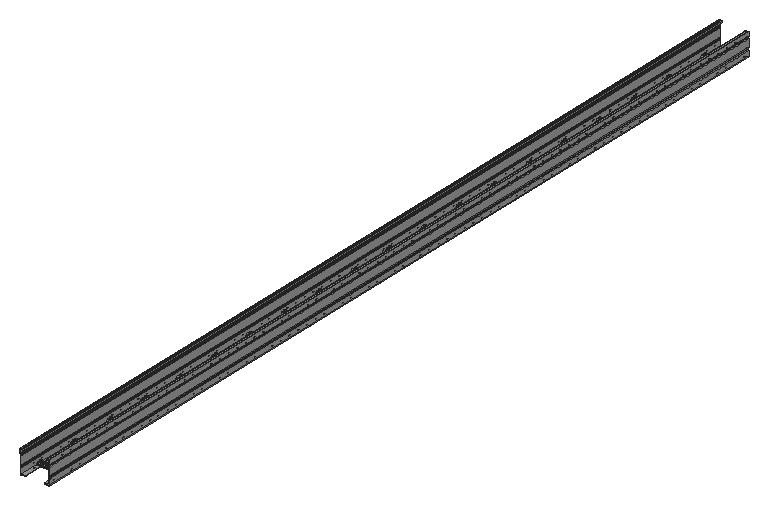
Revit family "Weitspannkabelleiter WKLG1620 FT,FS FT SO A4.23.08", category Generic Models, Revit 2017 (continued)
Forms (mm)
  Extrusion 171, void
    sketch origin (0, 675, 0) x (0, 1, 0) y (0, 0, 1)
      loop
        arc (25.5, 24.5) -> (25.146, 24.354) -> (25, 24) r 0.5
        line (25, 24) -> (25, 16)
        arc (25, 16) -> (25.146, 15.646) -> (25.5, 15.5) r 0.5
        line (25.5, 15.5) -> (49.5, 15.5)
        arc (49.5, 15.5) -> (49.854, 15.646) -> (50, 16) r 0.5
        line (50, 16) -> (50, 24)
        arc (50, 24) -> (49.854, 24.354) -> (49.5, 24.5) r 0.5
    from -99.5 to -97.5
  Extrusion 172, void
    sketch origin (0, 750, 0) x (0, 1, 0) y (0, 0, 1)
      loop
        line (49.5, 24.5) -> (25.5, 24.5)
        arc (25.5, 24.5) -> (25.146, 24.354) -> (25, 24) r 0.5
        line (25, 24) -> (25, 16)
        arc (25, 16) -> (25.146, 15.646) -> (25.5, 15.5) r 0.5
        line (25.5, 15.5) -> (49.5, 15.5)
        arc (49.5, 15.5) -> (49.854, 15.646) -> (50, 16) r 0.5
        line (50, 16) -> (50, 24)
        arc (50, 24) -> (49.854, 24.354) -> (49.5, 24.5) r 0.5
    from -99.5 to -97.5
  Extrusion 173, void
    sketch origin (0, 825, 0) x (0, 1, 0) y (0, 0, 1)
      loop
        line (49.5, 24.5) -> (25.5, 24.5)
        arc (25.5, 24.5) -> (25.146, 24.354) -> (25, 24) r 0.5
        line (25, 24) -> (25, 16)
        arc (25, 16) -> (25.146, 15.646) -> (25.5, 15.5) r 0.5
        line (25.5, 15.5) -> (49.5, 15.5)
        arc (49.5, 15.5) -> (49.854, 15.646) -> (50, 16) r 0.5
        line (50, 16) -> (50, 24)
        arc (50, 24) -> (49.854, 24.354) -> (49.5, 24.5) r 0.5
    from -99.5 to -97.5
  Extrusion 174, void
    sketch origin (0, 900, 0) x (0, 1, 0) y (0, 0, 1)
      loop
        line (49.5, 24.5) -> (25.5, 24.5)
        arc (25.5, 24.5) -> (25.146, 24.354) -> (25, 24) r 0.5
        line (25, 24) -> (25, 16)
        arc (25, 16) -> (25.146, 15.646) -> (25.5, 15.5) r 0.5
        line (25.5, 15.5) -> (49.5, 15.5)
        arc (49.5, 15.5) -> (49.854, 15.646) -> (50, 16) r 0.5
        line (50, 16) -> (50, 24)
        arc (50, 24) -> (49.854, 24.354) -> (49.5, 24.5) r 0.5
    from -99.5 to -97.5
  Extrusion 175, void
    sketch origin (0, 975, 0) x (0, 1, 0) y (0, 0, 1)
      loop
        line (49.5, 24.5) -> (25.5, 24.5)
        arc (25.5, 24.5) -> (25.146, 24.354) -> (25, 24) r 0.5
        line (25, 24) -> (25, 16)
        arc (25, 16) -> (25.146, 15.646) -> (25.5, 15.5) r 0.5
        line (25.5, 15.5) -> (49.5, 15.5)
        arc (49.5, 15.5) -> (49.854, 15.646) -> (50, 16) r 0.5
        line (50, 16) -> (50, 24)
        arc (50, 24) -> (49.854, 24.354) -> (49.5, 24.5) r 0.5
    from -99.5 to -97.5
  Extrusion 176, void
    sketch origin (0, 1050, 0) x (0, 1, 0) y (0, 0, 1)
      loop
        line (49.5, 24.5) -> (25.5, 24.5)
        arc (25.5, 24.5) -> (25.146, 24.354) -> (25, 24) r 0.5
        line (25, 24) -> (25, 16)
        arc (25, 16) -> (25.146, 15.646) -> (25.5, 15.5) r 0.5
        line (25.5, 15.5) -> (49.5, 15.5)
        arc (49.5, 15.5) -> (49.854, 15.646) -> (50, 16) r 0.5
        line (50, 16) -> (50, 24)
        arc (50, 24) -> (49.854, 24.354) -> (49.5, 24.5) r 0.5
    from -99.5 to -97.5
  Extrusion 177, void
    sketch origin (0, 1125, 0) x (0, 1, 0) y (0, 0, 1)
      loop
        line (49.5, 24.5) -> (25.5, 24.5)
        arc (25.5, 24.5) -> (25.146, 24.354) -> (25, 24) r 0.5
        line (25, 24) -> (25, 16)
        arc (25, 16) -> (25.146, 15.646) -> (25.5, 15.5) r 0.5
        line (25.5, 15.5) -> (49.5, 15.5)
        arc (49.5, 15.5) -> (49.854, 15.646) -> (50, 16) r 0.5
        line (50, 16) -> (50, 24)
        arc (50, 24) -> (49.854, 24.354) -> (49.5, 24.5) r 0.5
    from -99.5 to -97.5
  Extrusion 178, void
    sketch origin (0, 1200, 0) x (0, 1, 0) y (0, 0, 1)
      loop
        line (49.5, 24.5) -> (25.5, 24.5)
        arc (25.5, 24.5) -> (25.146, 24.354) -> (25, 24) r 0.5
        line (25, 24) -> (25, 16)
        arc (25, 16) -> (25.146, 15.646) -> (25.5, 15.5) r 0.5
        line (25.5, 15.5) -> (49.5, 15.5)
        arc (49.5, 15.5) -> (49.854, 15.646) -> (50, 16) r 0.5
        line (50, 16) -> (50, 24)
        arc (50, 24) -> (49.854, 24.354) -> (49.5, 24.5) r 0.5
    from -99.5 to -97.5
  Extrusion 179, void
    sketch origin (0, 1275, 0) x (0, 1, 0) y (0, 0, 1)
      loop
        line (49.5, 24.5) -> (25.5, 24.5)
        arc (25.5, 24.5) -> (25.146, 24.354) -> (25, 24) r 0.5
        line (25, 24) -> (25, 16)
        arc (25, 16) -> (25.146, 15.646) -> (25.5, 15.5) r 0.5
        line (25.5, 15.5) -> (49.5, 15.5)
        arc (49.5, 15.5) -> (49.854, 15.646) -> (50, 16) r 0.5
        line (50, 16) -> (50, 24)
        arc (50, 24) -> (49.854, 24.354) -> (49.5, 24.5) r 0.5
    from -99.5 to -97.5
  Extrusion 180, void
    sketch origin (0, 1350, 0) x (0, 1, 0) y (0, 0, 1)
      loop
        line (49.5, 24.5) -> (25.5, 24.5)
        arc (25.5, 24.5) -> (25.146, 24.354) -> (25, 24) r 0.5
        line (25, 24) -> (25, 16)
        arc (25, 16) -> (25.146, 15.646) -> (25.5, 15.5) r 0.5
        line (25.5, 15.5) -> (49.5, 15.5)
        arc (49.5, 15.5) -> (49.854, 15.646) -> (50, 16) r 0.5
        line (50, 16) -> (50, 24)
        arc (50, 24) -> (49.854, 24.354) -> (49.5, 24.5) r 0.5
    from -99.5 to -97.5
  Extrusion 181, void
    sketch origin (0, 1425, 0) x (0, 1, 0) y (0, 0, 1)
      loop
        line (49.5, 24.5) -> (25.5, 24.5)
        arc (25.5, 24.5) -> (25.146, 24.354) -> (25, 24) r 0.5
        line (25, 24) -> (25, 16)
        arc (25, 16) -> (25.146, 15.646) -> (25.5, 15.5) r 0.5
        line (25.5, 15.5) -> (49.5, 15.5)
        arc (49.5, 15.5) -> (49.854, 15.646) -> (50, 16) r 0.5
        line (50, 16) -> (50, 24)
        arc (50, 24) -> (49.854, 24.354) -> (49.5, 24.5) r 0.5
    from -99.5 to -97.5
  Extrusion 182, void
    sketch origin (0, 1500, 0) x (0, 1, 0) y (0, 0, 1)
      loop
        line (49.5, 24.5) -> (25.5, 24.5)
        arc (25.5, 24.5) -> (25.146, 24.354) -> (25, 24) r 0.5
        line (25, 24) -> (25, 16)
        arc (25, 16) -> (25.146, 15.646) -> (25.5, 15.5) r 0.5
        line (25.5, 15.5) -> (49.5, 15.5)
        arc (49.5, 15.5) -> (49.854, 15.646) -> (50, 16) r 0.5
        line (50, 16) -> (50, 24)
        arc (50, 24) -> (49.854, 24.354) -> (49.5, 24.5) r 0.5
    from -99.5 to -97.5
  Extrusion 183, void
    sketch origin (0, 1575, 0) x (0, 1, 0) y (0, 0, 1)
      loop
        line (49.5, 24.5) -> (25.5, 24.5)
        arc (25.5, 24.5) -> (25.146, 24.354) -> (25, 24) r 0.5
        line (25, 24) -> (25, 16)
        arc (25, 16) -> (25.146, 15.646) -> (25.5, 15.5) r 0.5
        line (25.5, 15.5) -> (49.5, 15.5)
        arc (49.5, 15.5) -> (49.854, 15.646) -> (50, 16) r 0.5
        line (50, 16) -> (50, 24)
        arc (50, 24) -> (49.854, 24.354) -> (49.5, 24.5) r 0.5
    from -99.5 to -97.5
  Extrusion 184, void
    sketch origin (0, 1650, 0) x (0, 1, 0) y (0, 0, 1)
      loop
        line (49.5, 24.5) -> (25.5, 24.5)
        arc (25.5, 24.5) -> (25.146, 24.354) -> (25, 24) r 0.5
        line (25, 24) -> (25, 16)
        arc (25, 16) -> (25.146, 15.646) -> (25.5, 15.5) r 0.5
        line (25.5, 15.5) -> (49.5, 15.5)
        arc (49.5, 15.5) -> (49.854, 15.646) -> (50, 16) r 0.5
        line (50, 16) -> (50, 24)
        arc (50, 24) -> (49.854, 24.354) -> (49.5, 24.5) r 0.5
    from -99.5 to -97.5
  Extrusion 185, void
    sketch origin (0, 1725, 0) x (0, 1, 0) y (0, 0, 1)
      loop
        line (49.5, 24.5) -> (25.5, 24.5)
        arc (25.5, 24.5) -> (25.146, 24.354) -> (25, 24) r 0.5
        line (25, 24) -> (25, 16)
        arc (25, 16) -> (25.146, 15.646) -> (25.5, 15.5) r 0.5
        line (25.5, 15.5) -> (49.5, 15.5)
        arc (49.5, 15.5) -> (49.854, 15.646) -> (50, 16) r 0.5
        line (50, 16) -> (50, 24)
        arc (50, 24) -> (49.854, 24.354) -> (49.5, 24.5) r 0.5
    from -99.5 to -97.5
  Extrusion 186, void
    sketch origin (0, 1800, 0) x (0, 1, 0) y (0, 0, 1)
      loop
        line (49.5, 24.5) -> (25.5, 24.5)
        arc (25.5, 24.5) -> (25.146, 24.354) -> (25, 24) r 0.5
        line (25, 24) -> (25, 16)
        arc (25, 16) -> (25.146, 15.646) -> (25.5, 15.5) r 0.5
        line (25.5, 15.5) -> (49.5, 15.5)
        arc (49.5, 15.5) -> (49.854, 15.646) -> (50, 16) r 0.5
        line (50, 16) -> (50, 24)
        arc (50, 24) -> (49.854, 24.354) -> (49.5, 24.5) r 0.5
    from -99.5 to -97.5
  Extrusion 187, void
    sketch origin (0, 1875, 0) x (0, 1, 0) y (0, 0, 1)
      loop
        line (49.5, 24.5) -> (25.5, 24.5)
        arc (25.5, 24.5) -> (25.146, 24.354) -> (25, 24) r 0.5
        line (25, 24) -> (25, 16)
        arc (25, 16) -> (25.146, 15.646) -> (25.5, 15.5) r 0.5
        line (25.5, 15.5) -> (49.5, 15.5)
        arc (49.5, 15.5) -> (49.854, 15.646) -> (50, 16) r 0.5
        line (50, 16) -> (50, 24)
        arc (50, 24) -> (49.854, 24.354) -> (49.5, 24.5) r 0.5
    from -99.5 to -97.5
  Extrusion 188, void
    sketch origin (0, 1950, 0) x (0, 1, 0) y (0, 0, 1)
      loop
        line (49.5, 24.5) -> (25.5, 24.5)
        arc (25.5, 24.5) -> (25.146, 24.354) -> (25, 24) r 0.5
        line (25, 24) -> (25, 16)
        arc (25, 16) -> (25.146, 15.646) -> (25.5, 15.5) r 0.5
        line (25.5, 15.5) -> (49.5, 15.5)
        arc (49.5, 15.5) -> (49.854, 15.646) -> (50, 16) r 0.5
        line (50, 16) -> (50, 24)
        arc (50, 24) -> (49.854, 24.354) -> (49.5, 24.5) r 0.5
    from -99.5 to -97.5
  Extrusion 189, void
    sketch origin (0, 2025, 0) x (0, 1, 0) y (0, 0, 1)
      loop
        line (49.5, 24.5) -> (25.5, 24.5)
        arc (25.5, 24.5) -> (25.146, 24.354) -> (25, 24) r 0.5
        line (25, 24) -> (25, 16)
        arc (25, 16) -> (25.146, 15.646) -> (25.5, 15.5) r 0.5
        line (25.5, 15.5) -> (49.5, 15.5)
        arc (49.5, 15.5) -> (49.854, 15.646) -> (50, 16) r 0.5
        line (50, 16) -> (50, 24)
        arc (50, 24) -> (49.854, 24.354) -> (49.5, 24.5) r 0.5
    from -99.5 to -97.5
  Extrusion 190, void
    sketch origin (0, 2100, 0) x (0, 1, 0) y (0, 0, 1)
      loop
        line (49.5, 24.5) -> (25.5, 24.5)
        arc (25.5, 24.5) -> (25.146, 24.354) -> (25, 24) r 0.5
        line (25, 24) -> (25, 16)
        arc (25, 16) -> (25.146, 15.646) -> (25.5, 15.5) r 0.5
        line (25.5, 15.5) -> (49.5, 15.5)
        arc (49.5, 15.5) -> (49.854, 15.646) -> (50, 16) r 0.5
        line (50, 16) -> (50, 24)
        arc (50, 24) -> (49.854, 24.354) -> (49.5, 24.5) r 0.5
    from -99.5 to -97.5
  Extrusion 191, void
    sketch origin (0, 2175, 0) x (0, 1, 0) y (0, 0, 1)
      loop
        line (49.5, 24.5) -> (25.5, 24.5)
        arc (25.5, 24.5) -> (25.146, 24.354) -> (25, 24) r 0.5
        line (25, 24) -> (25, 16)
        arc (25, 16) -> (25.146, 15.646) -> (25.5, 15.5) r 0.5
        line (25.5, 15.5) -> (49.5, 15.5)
        arc (49.5, 15.5) -> (49.854, 15.646) -> (50, 16) r 0.5
        line (50, 16) -> (50, 24)
        arc (50, 24) -> (49.854, 24.354) -> (49.5, 24.5) r 0.5
    from -99.5 to -97.5
  Extrusion 192, void
    sketch origin (0, 2250, 0) x (0, 1, 0) y (0, 0, 1)
      loop
        line (49.5, 24.5) -> (25.5, 24.5)
        arc (25.5, 24.5) -> (25.146, 24.354) -> (25, 24) r 0.5
        line (25, 24) -> (25, 16)
        arc (25, 16) -> (25.146, 15.646) -> (25.5, 15.5) r 0.5
        line (25.5, 15.5) -> (49.5, 15.5)
        arc (49.5, 15.5) -> (49.854, 15.646) -> (50, 16) r 0.5
        line (50, 16) -> (50, 24)
        arc (50, 24) -> (49.854, 24.354) -> (49.5, 24.5) r 0.5
    from -99.5 to -97.5
  Extrusion 193, void
    sketch origin (0, 2325, 0) x (0, 1, 0) y (0, 0, 1)
      loop
        line (49.5, 24.5) -> (25.5, 24.5)
        arc (25.5, 24.5) -> (25.146, 24.354) -> (25, 24) r 0.5
        line (25, 24) -> (25, 16)
        arc (25, 16) -> (25.146, 15.646) -> (25.5, 15.5) r 0.5
        line (25.5, 15.5) -> (49.5, 15.5)
        arc (49.5, 15.5) -> (49.854, 15.646) -> (50, 16) r 0.5
        line (50, 16) -> (50, 24)
        arc (50, 24) -> (49.854, 24.354) -> (49.5, 24.5) r 0.5
    from -99.5 to -97.5
  Extrusion 194, void
    sketch origin (0, 2400, 0) x (0, 1, 0) y (0, 0, 1)
      loop
        line (49.5, 24.5) -> (25.5, 24.5)
        arc (25.5, 24.5) -> (25.146, 24.354) -> (25, 24) r 0.5
        line (25, 24) -> (25, 16)
        arc (25, 16) -> (25.146, 15.646) -> (25.5, 15.5) r 0.5
        line (25.5, 15.5) -> (49.5, 15.5)
        arc (49.5, 15.5) -> (49.854, 15.646) -> (50, 16) r 0.5
        line (50, 16) -> (50, 24)
        arc (50, 24) -> (49.854, 24.354) -> (49.5, 24.5) r 0.5
    from -99.5 to -97.5
  Extrusion 195, void
    sketch origin (0, 2475, 0) x (0, 1, 0) y (0, 0, 1)
      loop
        line (49.5, 24.5) -> (25.5, 24.5)
        arc (25.5, 24.5) -> (25.146, 24.354) -> (25, 24) r 0.5
        line (25, 24) -> (25, 16)
        arc (25, 16) -> (25.146, 15.646) -> (25.5, 15.5) r 0.5
        line (25.5, 15.5) -> (49.5, 15.5)
        arc (49.5, 15.5) -> (49.854, 15.646) -> (50, 16) r 0.5
        line (50, 16) -> (50, 24)
        arc (50, 24) -> (49.854, 24.354) -> (49.5, 24.5) r 0.5
    from -99.5 to -97.5
  Extrusion 196, void
    sketch origin (0, 2550, 0) x (0, 1, 0) y (0, 0, 1)
      loop
        line (49.5, 24.5) -> (25.5, 24.5)
        arc (25.5, 24.5) -> (25.146, 24.354) -> (25, 24) r 0.5
        line (25, 24) -> (25, 16)
        arc (25, 16) -> (25.146, 15.646) -> (25.5, 15.5) r 0.5
        line (25.5, 15.5) -> (49.5, 15.5)
        arc (49.5, 15.5) -> (49.854, 15.646) -> (50, 16) r 0.5
        line (50, 16) -> (50, 24)
        arc (50, 24) -> (49.854, 24.354) -> (49.5, 24.5) r 0.5
    from -99.5 to -97.5
  Extrusion 197, void
    sketch origin (0, 2625, 0) x (0, 1, 0) y (0, 0, 1)
      loop
        line (49.5, 24.5) -> (25.5, 24.5)
        arc (25.5, 24.5) -> (25.146, 24.354) -> (25, 24) r 0.5
        line (25, 24) -> (25, 16)
        arc (25, 16) -> (25.146, 15.646) -> (25.5, 15.5) r 0.5
        line (25.5, 15.5) -> (49.5, 15.5)
        arc (49.5, 15.5) -> (49.854, 15.646) -> (50, 16) r 0.5
        line (50, 16) -> (50, 24)
        arc (50, 24) -> (49.854, 24.354) -> (49.5, 24.5) r 0.5
    from -99.5 to -97.5
  Extrusion 198, void
    sketch origin (0, 2700, 0) x (0, 1, 0) y (0, 0, 1)
      loop
        line (49.5, 24.5) -> (25.5, 24.5)
        arc (25.5, 24.5) -> (25.146, 24.354) -> (25, 24) r 0.5
        line (25, 24) -> (25, 16)
        arc (25, 16) -> (25.146, 15.646) -> (25.5, 15.5) r 0.5
        line (25.5, 15.5) -> (49.5, 15.5)
        arc (49.5, 15.5) -> (49.854, 15.646) -> (50, 16) r 0.5
        line (50, 16) -> (50, 24)
        arc (50, 24) -> (49.854, 24.354) -> (49.5, 24.5) r 0.5
    from -99.5 to -97.5
  Extrusion 199, void
    sketch origin (0, 2775, 0) x (0, 1, 0) y (0, 0, 1)
      loop
        line (49.5, 24.5) -> (25.5, 24.5)
        arc (25.5, 24.5) -> (25.146, 24.354) -> (25, 24) r 0.5
        line (25, 24) -> (25, 16)
        arc (25, 16) -> (25.146, 15.646) -> (25.5, 15.5) r 0.5
        line (25.5, 15.5) -> (49.5, 15.5)
        arc (49.5, 15.5) -> (49.854, 15.646) -> (50, 16) r 0.5
        line (50, 16) -> (50, 24)
        arc (50, 24) -> (49.854, 24.354) -> (49.5, 24.5) r 0.5
    from -99.5 to -97.5
  Extrusion 200, void
    sketch origin (0, 2850, 0) x (0, 1, 0) y (0, 0, 1)
      loop
        line (49.5, 24.5) -> (25.5, 24.5)
        arc (25.5, 24.5) -> (25.146, 24.354) -> (25, 24) r 0.5
        line (25, 24) -> (25, 16)
        arc (25, 16) -> (25.146, 15.646) -> (25.5, 15.5) r 0.5
        line (25.5, 15.5) -> (49.5, 15.5)
        arc (49.5, 15.5) -> (49.854, 15.646) -> (50, 16) r 0.5
        line (50, 16) -> (50, 24)
        arc (50, 24) -> (49.854, 24.354) -> (49.5, 24.5) r 0.5
    from -99.5 to -97.5
  Extrusion 201, void
    sketch origin (0, 2925, 0) x (0, 1, 0) y (0, 0, 1)
      loop
        line (49.5, 24.5) -> (25.5, 24.5)
        arc (25.5, 24.5) -> (25.146, 24.354) -> (25, 24) r 0.5
        line (25, 24) -> (25, 16)
        arc (25, 16) -> (25.146, 15.646) -> (25.5, 15.5) r 0.5
        line (25.5, 15.5) -> (49.5, 15.5)
        arc (49.5, 15.5) -> (49.854, 15.646) -> (50, 16) r 0.5
        line (50, 16) -> (50, 24)
        arc (50, 24) -> (49.854, 24.354) -> (49.5, 24.5) r 0.5
    from -99.5 to -97.5
  Extrusion 202, void
    sketch origin (0, 3000, 0) x (0, 1, 0) y (0, 0, 1)
      loop
        line (49.5, 24.5) -> (25.5, 24.5)
        arc (25.5, 24.5) -> (25.146, 24.354) -> (25, 24) r 0.5
        line (25, 24) -> (25, 16)
        arc (25, 16) -> (25.146, 15.646) -> (25.5, 15.5) r 0.5
        line (25.5, 15.5) -> (49.5, 15.5)
        arc (49.5, 15.5) -> (49.854, 15.646) -> (50, 16) r 0.5
        line (50, 16) -> (50, 24)
        arc (50, 24) -> (49.854, 24.354) -> (49.5, 24.5) r 0.5
    from -99.5 to -97.5
  Extrusion 203, void
    sketch origin (0, 3075, 0) x (0, 1, 0) y (0, 0, 1)
      loop
        line (49.5, 24.5) -> (25.5, 24.5)
        arc (25.5, 24.5) -> (25.146, 24.354) -> (25, 24) r 0.5
        line (25, 24) -> (25, 16)
        arc (25, 16) -> (25.146, 15.646) -> (25.5, 15.5) r 0.5
        line (25.5, 15.5) -> (49.5, 15.5)
        arc (49.5, 15.5) -> (49.854, 15.646) -> (50, 16) r 0.5
        line (50, 16) -> (50, 24)
        arc (50, 24) -> (49.854, 24.354) -> (49.5, 24.5) r 0.5
    from -99.5 to -97.5
  Extrusion 204, void
    sketch origin (0, 3150, 0) x (0, 1, 0) y (0, 0, 1)
      loop
        line (49.5, 24.5) -> (25.5, 24.5)
        arc (25.5, 24.5) -> (25.146, 24.354) -> (25, 24) r 0.5
        line (25, 24) -> (25, 16)
        arc (25, 16) -> (25.146, 15.646) -> (25.5, 15.5) r 0.5
        line (25.5, 15.5) -> (49.5, 15.5)
        arc (49.5, 15.5) -> (49.854, 15.646) -> (50, 16) r 0.5
        line (50, 16) -> (50, 24)
        arc (50, 24) -> (49.854, 24.354) -> (49.5, 24.5) r 0.5
    from -99.5 to -97.5
  Extrusion 205, void
    sketch origin (0, 3225, 0) x (0, 1, 0) y (0, 0, 1)
      loop
        line (49.5, 24.5) -> (25.5, 24.5)
        arc (25.5, 24.5) -> (25.146, 24.354) -> (25, 24) r 0.5
        line (25, 24) -> (25, 16)
        arc (25, 16) -> (25.146, 15.646) -> (25.5, 15.5) r 0.5
        line (25.5, 15.5) -> (49.5, 15.5)
        arc (49.5, 15.5) -> (49.854, 15.646) -> (50, 16) r 0.5
        line (50, 16) -> (50, 24)
        arc (50, 24) -> (49.854, 24.354) -> (49.5, 24.5) r 0.5
    from -99.5 to -97.5
  Extrusion 206, void
    sketch origin (0, 3300, 0) x (0, 1, 0) y (0, 0, 1)
      loop
        line (49.5, 24.5) -> (25.5, 24.5)
        arc (25.5, 24.5) -> (25.146, 24.354) -> (25, 24) r 0.5
        line (25, 24) -> (25, 16)
        arc (25, 16) -> (25.146, 15.646) -> (25.5, 15.5) r 0.5
        line (25.5, 15.5) -> (49.5, 15.5)
        arc (49.5, 15.5) -> (49.854, 15.646) -> (50, 16) r 0.5
        line (50, 16) -> (50, 24)
        arc (50, 24) -> (49.854, 24.354) -> (49.5, 24.5) r 0.5
    from -99.5 to -97.5
  Extrusion 207, void
    sketch origin (0, 3375, 0) x (0, 1, 0) y (0, 0, 1)
      loop
        line (49.5, 24.5) -> (25.5, 24.5)
        arc (25.5, 24.5) -> (25.146, 24.354) -> (25, 24) r 0.5
        line (25, 24) -> (25, 16)
        arc (25, 16) -> (25.146, 15.646) -> (25.5, 15.5) r 0.5
        line (25.5, 15.5) -> (49.5, 15.5)
        arc (49.5, 15.5) -> (49.854, 15.646) -> (50, 16) r 0.5
        line (50, 16) -> (50, 24)
        arc (50, 24) -> (49.854, 24.354) -> (49.5, 24.5) r 0.5
    from -99.5 to -97.5
  Extrusion 208, void
    sketch origin (0, 3450, 0) x (0, 1, 0) y (0, 0, 1)
      loop
        line (49.5, 24.5) -> (25.5, 24.5)
        arc (25.5, 24.5) -> (25.146, 24.354) -> (25, 24) r 0.5
        line (25, 24) -> (25, 16)
        arc (25, 16) -> (25.146, 15.646) -> (25.5, 15.5) r 0.5
        line (25.5, 15.5) -> (49.5, 15.5)
        arc (49.5, 15.5) -> (49.854, 15.646) -> (50, 16) r 0.5
        line (50, 16) -> (50, 24)
        arc (50, 24) -> (49.854, 24.354) -> (49.5, 24.5) r 0.5
    from -99.5 to -97.5
  Extrusion 209, void
    sketch origin (0, 3525, 0) x (0, 1, 0) y (0, 0, 1)
      loop
        line (49.5, 24.5) -> (25.5, 24.5)
        arc (25.5, 24.5) -> (25.146, 24.354) -> (25, 24) r 0.5
        line (25, 24) -> (25, 16)
        arc (25, 16) -> (25.146, 15.646) -> (25.5, 15.5) r 0.5
        line (25.5, 15.5) -> (49.5, 15.5)
        arc (49.5, 15.5) -> (49.854, 15.646) -> (50, 16) r 0.5
        line (50, 16) -> (50, 24)
        arc (50, 24) -> (49.854, 24.354) -> (49.5, 24.5) r 0.5
    from -99.5 to -97.5
  Extrusion 210, void
    sketch origin (0, 3600, 0) x (0, 1, 0) y (0, 0, 1)
      loop
        line (49.5, 24.5) -> (25.5, 24.5)
        arc (25.5, 24.5) -> (25.146, 24.354) -> (25, 24) r 0.5
        line (25, 24) -> (25, 16)
        arc (25, 16) -> (25.146, 15.646) -> (25.5, 15.5) r 0.5
        line (25.5, 15.5) -> (49.5, 15.5)
        arc (49.5, 15.5) -> (49.854, 15.646) -> (50, 16) r 0.5
        line (50, 16) -> (50, 24)
        arc (50, 24) -> (49.854, 24.354) -> (49.5, 24.5) r 0.5
    from -99.5 to -97.5
  Extrusion 211, void
    sketch origin (0, 3675, 0) x (0, 1, 0) y (0, 0, 1)
      loop
        line (49.5, 24.5) -> (25.5, 24.5)
        arc (25.5, 24.5) -> (25.146, 24.354) -> (25, 24) r 0.5
        line (25, 24) -> (25, 16)
        arc (25, 16) -> (25.146, 15.646) -> (25.5, 15.5) r 0.5
        line (25.5, 15.5) -> (49.5, 15.5)
        arc (49.5, 15.5) -> (49.854, 15.646) -> (50, 16) r 0.5
        line (50, 16) -> (50, 24)
        arc (50, 24) -> (49.854, 24.354) -> (49.5, 24.5) r 0.5
    from -99.5 to -97.5
  Extrusion 212, void
    sketch origin (0, 3750, 0) x (0, 1, 0) y (0, 0, 1)
      loop
        line (49.5, 24.5) -> (25.5, 24.5)
        arc (25.5, 24.5) -> (25.146, 24.354) -> (25, 24) r 0.5
        line (25, 24) -> (25, 16)
        arc (25, 16) -> (25.146, 15.646) -> (25.5, 15.5) r 0.5
        line (25.5, 15.5) -> (49.5, 15.5)
        arc (49.5, 15.5) -> (49.854, 15.646) -> (50, 16) r 0.5
        line (50, 16) -> (50, 24)
        arc (50, 24) -> (49.854, 24.354) -> (49.5, 24.5) r 0.5
    from -99.5 to -97.5
  Extrusion 213, void
    sketch origin (0, 3825, 0) x (0, 1, 0) y (0, 0, 1)
      loop
        line (49.5, 24.5) -> (25.5, 24.5)
        arc (25.5, 24.5) -> (25.146, 24.354) -> (25, 24) r 0.5
        line (25, 24) -> (25, 16)
        arc (25, 16) -> (25.146, 15.646) -> (25.5, 15.5) r 0.5
        line (25.5, 15.5) -> (49.5, 15.5)
        arc (49.5, 15.5) -> (49.854, 15.646) -> (50, 16) r 0.5
        line (50, 16) -> (50, 24)
        arc (50, 24) -> (49.854, 24.354) -> (49.5, 24.5) r 0.5
    from -99.5 to -97.5
  Extrusion 214, void
    sketch origin (0, 3900, 0) x (0, 1, 0) y (0, 0, 1)
      loop
        line (49.5, 24.5) -> (25.5, 24.5)
        arc (25.5, 24.5) -> (25.146, 24.354) -> (25, 24) r 0.5
        line (25, 24) -> (25, 16)
        arc (25, 16) -> (25.146, 15.646) -> (25.5, 15.5) r 0.5
        line (25.5, 15.5) -> (49.5, 15.5)
        arc (49.5, 15.5) -> (49.854, 15.646) -> (50, 16) r 0.5
        line (50, 16) -> (50, 24)
        arc (50, 24) -> (49.854, 24.354) -> (49.5, 24.5) r 0.5
    from -99.5 to -97.5
  Extrusion 215, void
    sketch origin (0, 3975, 0) x (0, 1, 0) y (0, 0, 1)
      loop
        line (49.5, 24.5) -> (25.5, 24.5)
        arc (25.5, 24.5) -> (25.146, 24.354) -> (25, 24) r 0.5
        line (25, 24) -> (25, 16)
        arc (25, 16) -> (25.146, 15.646) -> (25.5, 15.5) r 0.5
        line (25.5, 15.5) -> (49.5, 15.5)
        arc (49.5, 15.5) -> (49.854, 15.646) -> (50, 16) r 0.5
        line (50, 16) -> (50, 24)
        arc (50, 24) -> (49.854, 24.354) -> (49.5, 24.5) r 0.5
    from -99.5 to -97.5
  Extrusion 216, void
    sketch origin (0, 4050, 0) x (0, 1, 0) y (0, 0, 1)
      loop
        line (49.5, 24.5) -> (25.5, 24.5)
        arc (25.5, 24.5) -> (25.146, 24.354) -> (25, 24) r 0.5
        line (25, 24) -> (25, 16)
        arc (25, 16) -> (25.146, 15.646) -> (25.5, 15.5) r 0.5
        line (25.5, 15.5) -> (49.5, 15.5)
        arc (49.5, 15.5) -> (49.854, 15.646) -> (50, 16) r 0.5
        line (50, 16) -> (50, 24)
        arc (50, 24) -> (49.854, 24.354) -> (49.5, 24.5) r 0.5
    from -99.5 to -97.5
  Extrusion 217, void
    sketch origin (0, 4125, 0) x (0, 1, 0) y (0, 0, 1)
      loop
        line (49.5, 24.5) -> (25.5, 24.5)
        arc (25.5, 24.5) -> (25.146, 24.354) -> (25, 24) r 0.5
        line (25, 24) -> (25, 16)
        arc (25, 16) -> (25.146, 15.646) -> (25.5, 15.5) r 0.5
        line (25.5, 15.5) -> (49.5, 15.5)
        arc (49.5, 15.5) -> (49.854, 15.646) -> (50, 16) r 0.5
        line (50, 16) -> (50, 24)
        arc (50, 24) -> (49.854, 24.354) -> (49.5, 24.5) r 0.5
    from -99.5 to -97.5
  Extrusion 218, void
    sketch origin (0, 4200, 0) x (0, 1, 0) y (0, 0, 1)
      loop
        line (49.5, 24.5) -> (25.5, 24.5)
        arc (25.5, 24.5) -> (25.146, 24.354) -> (25, 24) r 0.5
        line (25, 24) -> (25, 16)
        arc (25, 16) -> (25.146, 15.646) -> (25.5, 15.5) r 0.5
        line (25.5, 15.5) -> (49.5, 15.5)
        arc (49.5, 15.5) -> (49.854, 15.646) -> (50, 16) r 0.5
        line (50, 16) -> (50, 24)
        arc (50, 24) -> (49.854, 24.354) -> (49.5, 24.5) r 0.5
    from -99.5 to -97.5
  Extrusion 219, void
    sketch origin (0, 4275, 0) x (0, 1, 0) y (0, 0, 1)
      loop
        line (49.5, 24.5) -> (25.5, 24.5)
        arc (25.5, 24.5) -> (25.146, 24.354) -> (25, 24) r 0.5
        line (25, 24) -> (25, 16)
        arc (25, 16) -> (25.146, 15.646) -> (25.5, 15.5) r 0.5
        line (25.5, 15.5) -> (49.5, 15.5)
        arc (49.5, 15.5) -> (49.854, 15.646) -> (50, 16) r 0.5
        line (50, 16) -> (50, 24)
        arc (50, 24) -> (49.854, 24.354) -> (49.5, 24.5) r 0.5
    from -99.5 to -97.5
  Extrusion 220, void
    sketch origin (0, 4350, 0) x (0, 1, 0) y (0, 0, 1)
      loop
        line (49.5, 24.5) -> (25.5, 24.5)
        arc (25.5, 24.5) -> (25.146, 24.354) -> (25, 24) r 0.5
        line (25, 24) -> (25, 16)
        arc (25, 16) -> (25.146, 15.646) -> (25.5, 15.5) r 0.5
        line (25.5, 15.5) -> (49.5, 15.5)
        arc (49.5, 15.5) -> (49.854, 15.646) -> (50, 16) r 0.5
        line (50, 16) -> (50, 24)
        arc (50, 24) -> (49.854, 24.354) -> (49.5, 24.5) r 0.5
    from -99.5 to -97.5
  Extrusion 221, void
    sketch origin (0, 4425, 0) x (0, 1, 0) y (0, 0, 1)
      loop
        line (49.5, 24.5) -> (25.5, 24.5)
        arc (25.5, 24.5) -> (25.146, 24.354) -> (25, 24) r 0.5
        line (25, 24) -> (25, 16)
        arc (25, 16) -> (25.146, 15.646) -> (25.5, 15.5) r 0.5
        line (25.5, 15.5) -> (49.5, 15.5)
        arc (49.5, 15.5) -> (49.854, 15.646) -> (50, 16) r 0.5
        line (50, 16) -> (50, 24)
        arc (50, 24) -> (49.854, 24.354) -> (49.5, 24.5) r 0.5
    from -99.5 to -97.5
  Extrusion 222, void
    sketch origin (0, 4500, 0) x (0, 1, 0) y (0, 0, 1)
      loop
        line (49.5, 24.5) -> (25.5, 24.5)
        arc (25.5, 24.5) -> (25.146, 24.354) -> (25, 24) r 0.5
        line (25, 24) -> (25, 16)
        arc (25, 16) -> (25.146, 15.646) -> (25.5, 15.5) r 0.5
        line (25.5, 15.5) -> (49.5, 15.5)
        arc (49.5, 15.5) -> (49.854, 15.646) -> (50, 16) r 0.5
        line (50, 16) -> (50, 24)
        arc (50, 24) -> (49.854, 24.354) -> (49.5, 24.5) r 0.5
    from -99.5 to -97.5
  Extrusion 223, void
    sketch origin (0, 4575, 0) x (0, 1, 0) y (0, 0, 1)
      loop
        line (49.5, 24.5) -> (25.5, 24.5)
        arc (25.5, 24.5) -> (25.146, 24.354) -> (25, 24) r 0.5
        line (25, 24) -> (25, 16)
        arc (25, 16) -> (25.146, 15.646) -> (25.5, 15.5) r 0.5
        line (25.5, 15.5) -> (49.5, 15.5)
        arc (49.5, 15.5) -> (49.854, 15.646) -> (50, 16) r 0.5
        line (50, 16) -> (50, 24)
        arc (50, 24) -> (49.854, 24.354) -> (49.5, 24.5) r 0.5
    from -99.5 to -97.5
  Extrusion 224, void
    sketch origin (0, 4650, 0) x (0, 1, 0) y (0, 0, 1)
      loop
        line (49.5, 24.5) -> (25.5, 24.5)
        arc (25.5, 24.5) -> (25.146, 24.354) -> (25, 24) r 0.5
        line (25, 24) -> (25, 16)
        arc (25, 16) -> (25.146, 15.646) -> (25.5, 15.5) r 0.5
        line (25.5, 15.5) -> (49.5, 15.5)
        arc (49.5, 15.5) -> (49.854, 15.646) -> (50, 16) r 0.5
        line (50, 16) -> (50, 24)
        arc (50, 24) -> (49.854, 24.354) -> (49.5, 24.5) r 0.5
    from -99.5 to -97.5
  Extrusion 225, void
    sketch origin (0, 4725, 0) x (0, 1, 0) y (0, 0, 1)
      loop
        line (49.5, 24.5) -> (25.5, 24.5)
        arc (25.5, 24.5) -> (25.146, 24.354) -> (25, 24) r 0.5
        line (25, 24) -> (25, 16)
        arc (25, 16) -> (25.146, 15.646) -> (25.5, 15.5) r 0.5
        line (25.5, 15.5) -> (49.5, 15.5)
        arc (49.5, 15.5) -> (49.854, 15.646) -> (50, 16) r 0.5
        line (50, 16) -> (50, 24)
        arc (50, 24) -> (49.854, 24.354) -> (49.5, 24.5) r 0.5
    from -99.5 to -97.5
  Extrusion 226, void
    sketch origin (0, 4800, 0) x (0, 1, 0) y (0, 0, 1)
      loop
        line (49.5, 24.5) -> (25.5, 24.5)
        arc (25.5, 24.5) -> (25.146, 24.354) -> (25, 24) r 0.5
        line (25, 24) -> (25, 16)
        arc (25, 16) -> (25.146, 15.646) -> (25.5, 15.5) r 0.5
        line (25.5, 15.5) -> (49.5, 15.5)
        arc (49.5, 15.5) -> (49.854, 15.646) -> (50, 16) r 0.5
        line (50, 16) -> (50, 24)
        arc (50, 24) -> (49.854, 24.354) -> (49.5, 24.5) r 0.5
    from -99.5 to -97.5
  Extrusion 227, void
    sketch origin (0, 4875, 0) x (0, 1, 0) y (0, 0, 1)
      loop
        line (49.5, 24.5) -> (25.5, 24.5)
        arc (25.5, 24.5) -> (25.146, 24.354) -> (25, 24) r 0.5
        line (25, 24) -> (25, 16)
        arc (25, 16) -> (25.146, 15.646) -> (25.5, 15.5) r 0.5
        line (25.5, 15.5) -> (49.5, 15.5)
        arc (49.5, 15.5) -> (49.854, 15.646) -> (50, 16) r 0.5
        line (50, 16) -> (50, 24)
        arc (50, 24) -> (49.854, 24.354) -> (49.5, 24.5) r 0.5
    from -99.5 to -97.5
  Extrusion 228, void
    sketch origin (0, 4950, 0) x (0, 1, 0) y (0, 0, 1)
      loop
        line (49.5, 24.5) -> (25.5, 24.5)
        arc (25.5, 24.5) -> (25.146, 24.354) -> (25, 24) r 0.5
        line (25, 24) -> (25, 16)
        arc (25, 16) -> (25.146, 15.646) -> (25.5, 15.5) r 0.5
        line (25.5, 15.5) -> (49.5, 15.5)
        arc (49.5, 15.5) -> (49.854, 15.646) -> (50, 16) r 0.5
        line (50, 16) -> (50, 24)
        arc (50, 24) -> (49.854, 24.354) -> (49.5, 24.5) r 0.5
    from -99.5 to -97.5
  Extrusion 229, void
    sketch origin (0, 5025, 0) x (0, 1, 0) y (0, 0, 1)
      loop
        line (49.5, 24.5) -> (25.5, 24.5)
        arc (25.5, 24.5) -> (25.146, 24.354) -> (25, 24) r 0.5
        line (25, 24) -> (25, 16)
        arc (25, 16) -> (25.146, 15.646) -> (25.5, 15.5) r 0.5
        line (25.5, 15.5) -> (49.5, 15.5)
        arc (49.5, 15.5) -> (49.854, 15.646) -> (50, 16) r 0.5
        line (50, 16) -> (50, 24)
        arc (50, 24) -> (49.854, 24.354) -> (49.5, 24.5) r 0.5
    from -99.5 to -97.5
  Extrusion 230, void
    sketch origin (0, 5100, 0) x (0, 1, 0) y (0, 0, 1)
      loop
        line (49.5, 24.5) -> (25.5, 24.5)
        arc (25.5, 24.5) -> (25.146, 24.354) -> (25, 24) r 0.5
        line (25, 24) -> (25, 16)
        arc (25, 16) -> (25.146, 15.646) -> (25.5, 15.5) r 0.5
        line (25.5, 15.5) -> (49.5, 15.5)
        arc (49.5, 15.5) -> (49.854, 15.646) -> (50, 16) r 0.5
        line (50, 16) -> (50, 24)
        arc (50, 24) -> (49.854, 24.354) -> (49.5, 24.5) r 0.5
    from -99.5 to -97.5
  Extrusion 231, void
    sketch origin (0, 5175, 0) x (0, 1, 0) y (0, 0, 1)
      loop
        line (49.5, 24.5) -> (25.5, 24.5)
        arc (25.5, 24.5) -> (25.146, 24.354) -> (25, 24) r 0.5
        line (25, 24) -> (25, 16)
        arc (25, 16) -> (25.146, 15.646) -> (25.5, 15.5) r 0.5
        line (25.5, 15.5) -> (49.5, 15.5)
        arc (49.5, 15.5) -> (49.854, 15.646) -> (50, 16) r 0.5
        line (50, 16) -> (50, 24)
        arc (50, 24) -> (49.854, 24.354) -> (49.5, 24.5) r 0.5
    from -99.5 to -97.5
  Extrusion 232, void
    sketch origin (0, 5250, 0) x (0, 1, 0) y (0, 0, 1)
      loop
        line (49.5, 24.5) -> (25.5, 24.5)
        arc (25.5, 24.5) -> (25.146, 24.354) -> (25, 24) r 0.5
        line (25, 24) -> (25, 16)
        arc (25, 16) -> (25.146, 15.646) -> (25.5, 15.5) r 0.5
        line (25.5, 15.5) -> (49.5, 15.5)
        arc (49.5, 15.5) -> (49.854, 15.646) -> (50, 16) r 0.5
        line (50, 16) -> (50, 24)
        arc (50, 24) -> (49.854, 24.354) -> (49.5, 24.5) r 0.5
    from -99.5 to -97.5
  Extrusion 233, void
    sketch origin (0, 5325, 0) x (0, 1, 0) y (0, 0, 1)
      loop
        line (49.5, 24.5) -> (25.5, 24.5)
        arc (25.5, 24.5) -> (25.146, 24.354) -> (25, 24) r 0.5
        line (25, 24) -> (25, 16)
        arc (25, 16) -> (25.146, 15.646) -> (25.5, 15.5) r 0.5
        line (25.5, 15.5) -> (49.5, 15.5)
        arc (49.5, 15.5) -> (49.854, 15.646) -> (50, 16) r 0.5
        line (50, 16) -> (50, 24)
        arc (50, 24) -> (49.854, 24.354) -> (49.5, 24.5) r 0.5
    from -99.5 to -97.5
  Extrusion 234, void
    sketch origin (0, 5400, 0) x (0, 1, 0) y (0, 0, 1)
      loop
        line (49.5, 24.5) -> (25.5, 24.5)
        arc (25.5, 24.5) -> (25.146, 24.354) -> (25, 24) r 0.5
        line (25, 24) -> (25, 16)
        arc (25, 16) -> (25.146, 15.646) -> (25.5, 15.5) r 0.5
        line (25.5, 15.5) -> (49.5, 15.5)
        arc (49.5, 15.5) -> (49.854, 15.646) -> (50, 16) r 0.5
        line (50, 16) -> (50, 24)
        arc (50, 24) -> (49.854, 24.354) -> (49.5, 24.5) r 0.5
    from -99.5 to -97.5
  Extrusion 235, void
    sketch origin (0, 5475, 0) x (0, 1, 0) y (0, 0, 1)
      loop
        line (49.5, 24.5) -> (25.5, 24.5)
        arc (25.5, 24.5) -> (25.146, 24.354) -> (25, 24) r 0.5
        line (25, 24) -> (25, 16)
        arc (25, 16) -> (25.146, 15.646) -> (25.5, 15.5) r 0.5
        line (25.5, 15.5) -> (49.5, 15.5)
        arc (49.5, 15.5) -> (49.854, 15.646) -> (50, 16) r 0.5
        line (50, 16) -> (50, 24)
        arc (50, 24) -> (49.854, 24.354) -> (49.5, 24.5) r 0.5
    from -99.5 to -97.5
  Extrusion 236, void
    sketch origin (0, 5550, 0) x (0, 1, 0) y (0, 0, 1)
      loop
        line (49.5, 24.5) -> (25.5, 24.5)
        arc (25.5, 24.5) -> (25.146, 24.354) -> (25, 24) r 0.5
        line (25, 24) -> (25, 16)
        arc (25, 16) -> (25.146, 15.646) -> (25.5, 15.5) r 0.5
        line (25.5, 15.5) -> (49.5, 15.5)
        arc (49.5, 15.5) -> (49.854, 15.646) -> (50, 16) r 0.5
        line (50, 16) -> (50, 24)
        arc (50, 24) -> (49.854, 24.354) -> (49.5, 24.5) r 0.5
    from -99.5 to -97.5
  Extrusion 237, void
    sketch origin (0, 5625, 0) x (0, 1, 0) y (0, 0, 1)
      loop
        line (49.5, 24.5) -> (25.5, 24.5)
        arc (25.5, 24.5) -> (25.146, 24.354) -> (25, 24) r 0.5
        line (25, 24) -> (25, 16)
        arc (25, 16) -> (25.146, 15.646) -> (25.5, 15.5) r 0.5
        line (25.5, 15.5) -> (49.5, 15.5)
        arc (49.5, 15.5) -> (49.854, 15.646) -> (50, 16) r 0.5
        line (50, 16) -> (50, 24)
        arc (50, 24) -> (49.854, 24.354) -> (49.5, 24.5) r 0.5
    from -99.5 to -97.5
  Extrusion 238, void
    sketch origin (0, 5700, 0) x (0, 1, 0) y (0, 0, 1)
      loop
        line (49.5, 24.5) -> (25.5, 24.5)
        arc (25.5, 24.5) -> (25.146, 24.354) -> (25, 24) r 0.5
        line (25, 24) -> (25, 16)
        arc (25, 16) -> (25.146, 15.646) -> (25.5, 15.5) r 0.5
        line (25.5, 15.5) -> (49.5, 15.5)
        arc (49.5, 15.5) -> (49.854, 15.646) -> (50, 16) r 0.5
        line (50, 16) -> (50, 24)
        arc (50, 24) -> (49.854, 24.354) -> (49.5, 24.5) r 0.5
    from -99.5 to -97.5
  Extrusion 239, void
    sketch origin (0, 5775, 0) x (0, 1, 0) y (0, 0, 1)
      loop
        line (49.5, 24.5) -> (25.5, 24.5)
        arc (25.5, 24.5) -> (25.146, 24.354) -> (25, 24) r 0.5
        line (25, 24) -> (25, 16)
        arc (25, 16) -> (25.146, 15.646) -> (25.5, 15.5) r 0.5
        line (25.5, 15.5) -> (49.5, 15.5)
        arc (49.5, 15.5) -> (49.854, 15.646) -> (50, 16) r 0.5
        line (50, 16) -> (50, 24)
        arc (50, 24) -> (49.854, 24.354) -> (49.5, 24.5) r 0.5
    from -99.5 to -97.5
  Extrusion 240, void
    sketch origin (0, 5850, 0) x (0, 1, 0) y (0, 0, 1)
      loop
        line (49.5, 24.5) -> (25.5, 24.5)
        arc (25.5, 24.5) -> (25.146, 24.354) -> (25, 24) r 0.5
        line (25, 24) -> (25, 16)
        arc (25, 16) -> (25.146, 15.646) -> (25.5, 15.5) r 0.5
        line (25.5, 15.5) -> (49.5, 15.5)
        arc (49.5, 15.5) -> (49.854, 15.646) -> (50, 16) r 0.5
        line (50, 16) -> (50, 24)
        arc (50, 24) -> (49.854, 24.354) -> (49.5, 24.5) r 0.5
    from -99.5 to -97.5
  Extrusion 241, void
    sketch origin (0, 5925, 0) x (0, 1, 0) y (0, 0, 1)
      loop
        line (49.5, 24.5) -> (25.5, 24.5)
        arc (25.5, 24.5) -> (25.146, 24.354) -> (25, 24) r 0.5
        line (25, 24) -> (25, 16)
        arc (25, 16) -> (25.146, 15.646) -> (25.5, 15.5) r 0.5
        line (25.5, 15.5) -> (49.5, 15.5)
        arc (49.5, 15.5) -> (49.854, 15.646) -> (50, 16) r 0.5
        line (50, 16) -> (50, 24)
        arc (50, 24) -> (49.854, 24.354) -> (49.5, 24.5) r 0.5
    from -99.5 to -97.5
  Extrusion 242, void
    sketch origin (0, 0, 0) x (0, 1, 0) y (0, 0, 1)
      loop
        line (49.5, 144.356) -> (25.5, 144.356)
        arc (25.5, 144.356) -> (25.146, 144.209) -> (25, 143.856) r 0.5
        line (25, 143.856) -> (25, 135.856)
        arc (25, 135.856) -> (25.146, 135.502) -> (25.5, 135.356) r 0.5
        line (25.5, 135.356) -> (49.46, 135.356)
        arc (49.46, 135.356) -> (49.842, 135.514) -> (50, 135.896) r 0.54
        line (50, 135.896) -> (50, 143.856)
        arc (50, 143.856) -> (49.854, 144.209) -> (49.5, 144.356) r 0.5
    from -100 to -98
  Extrusion 243, void
    sketch origin (0, 75, 0) x (0, 1, 0) y (0, 0, 1)
      loop
        line (49.5, 144.356) -> (25.5, 144.356)
        arc (25.5, 144.356) -> (25.146, 144.209) -> (25, 143.856) r 0.5
        line (25, 143.856) -> (25, 135.856)
        arc (25, 135.856) -> (25.146, 135.502) -> (25.5, 135.356) r 0.5
        line (25.5, 135.356) -> (49.46, 135.356)
        arc (49.46, 135.356) -> (49.842, 135.514) -> (50, 135.896) r 0.54
        line (50, 135.896) -> (50, 143.856)
        arc (50, 143.856) -> (49.854, 144.209) -> (49.5, 144.356) r 0.5
    from -100 to -98
  Extrusion 244, void
    sketch origin (0, 150, 0) x (0, 1, 0) y (0, 0, 1)
      loop
        line (49.5, 144.356) -> (25.5, 144.356)
        arc (25.5, 144.356) -> (25.146, 144.209) -> (25, 143.856) r 0.5
        line (25, 143.856) -> (25, 135.856)
        arc (25, 135.856) -> (25.146, 135.502) -> (25.5, 135.356) r 0.5
        line (25.5, 135.356) -> (49.46, 135.356)
        arc (49.46, 135.356) -> (49.842, 135.514) -> (50, 135.896) r 0.54
        line (50, 135.896) -> (50, 143.856)
        arc (50, 143.856) -> (49.854, 144.209) -> (49.5, 144.356) r 0.5
    from -100 to -98
  Extrusion 245, void
    sketch origin (0, 225, 0) x (0, 1, 0) y (0, 0, 1)
      loop
        line (49.5, 144.356) -> (25.5, 144.356)
        arc (25.5, 144.356) -> (25.146, 144.209) -> (25, 143.856) r 0.5
        line (25, 143.856) -> (25, 135.856)
        arc (25, 135.856) -> (25.146, 135.502) -> (25.5, 135.356) r 0.5
        line (25.5, 135.356) -> (49.46, 135.356)
        arc (49.46, 135.356) -> (49.842, 135.514) -> (50, 135.896) r 0.54
        line (50, 135.896) -> (50, 143.856)
        arc (50, 143.856) -> (49.854, 144.209) -> (49.5, 144.356) r 0.5
    from -100 to -98
  Extrusion 246, void
    sketch origin (0, 300, 0) x (0, 1, 0) y (0, 0, 1)
      loop
        line (49.5, 144.356) -> (25.5, 144.356)
        arc (25.5, 144.356) -> (25.146, 144.209) -> (25, 143.856) r 0.5
        line (25, 143.856) -> (25, 135.856)
        arc (25, 135.856) -> (25.146, 135.502) -> (25.5, 135.356) r 0.5
        line (25.5, 135.356) -> (49.46, 135.356)
        arc (49.46, 135.356) -> (49.842, 135.514) -> (50, 135.896) r 0.54
        line (50, 135.896) -> (50, 143.856)
        arc (50, 143.856) -> (49.854, 144.209) -> (49.5, 144.356) r 0.5
    from -100 to -98
  Extrusion 247, void
    sketch origin (0, 375, 0) x (0, 1, 0) y (0, 0, 1)
      loop
        line (49.5, 144.356) -> (25.5, 144.356)
        arc (25.5, 144.356) -> (25.146, 144.209) -> (25, 143.856) r 0.5
        line (25, 143.856) -> (25, 135.856)
        arc (25, 135.856) -> (25.146, 135.502) -> (25.5, 135.356) r 0.5
        line (25.5, 135.356) -> (49.46, 135.356)
        arc (49.46, 135.356) -> (49.842, 135.514) -> (50, 135.896) r 0.54
        line (50, 135.896) -> (50, 143.856)
        arc (50, 143.856) -> (49.854, 144.209) -> (49.5, 144.356) r 0.5
    from -100 to -98
  Extrusion 248, void
    sketch origin (0, 450, 0) x (0, 1, 0) y (0, 0, 1)
      loop
        line (49.5, 144.356) -> (25.5, 144.356)
        arc (25.5, 144.356) -> (25.146, 144.209) -> (25, 143.856) r 0.5
        line (25, 143.856) -> (25, 135.856)
        arc (25, 135.856) -> (25.146, 135.502) -> (25.5, 135.356) r 0.5
        line (25.5, 135.356) -> (49.46, 135.356)
        arc (49.46, 135.356) -> (49.842, 135.514) -> (50, 135.896) r 0.54
        line (50, 135.896) -> (50, 143.856)
        arc (50, 143.856) -> (49.854, 144.209) -> (49.5, 144.356) r 0.5
    from -100 to -98
  Extrusion 249, void
    sketch origin (0, 525, 0) x (0, 1, 0) y (0, 0, 1)
      loop
        line (49.5, 144.356) -> (25.5, 144.356)
        arc (25.5, 144.356) -> (25.146, 144.209) -> (25, 143.856) r 0.5
        line (25, 143.856) -> (25, 135.856)
        arc (25, 135.856) -> (25.146, 135.502) -> (25.5, 135.356) r 0.5
        line (25.5, 135.356) -> (49.46, 135.356)
        arc (49.46, 135.356) -> (49.842, 135.514) -> (50, 135.896) r 0.54
        line (50, 135.896) -> (50, 143.856)
        arc (50, 143.856) -> (49.854, 144.209) -> (49.5, 144.356) r 0.5
    from -100 to -98
  Extrusion 250, void
    sketch origin (0, 600, 0) x (0, 1, 0) y (0, 0, 1)
      loop
        line (49.5, 144.356) -> (25.5, 144.356)
        arc (25.5, 144.356) -> (25.146, 144.209) -> (25, 143.856) r 0.5
        line (25, 143.856) -> (25, 135.856)
        arc (25, 135.856) -> (25.146, 135.502) -> (25.5, 135.356) r 0.5
        line (25.5, 135.356) -> (49.46, 135.356)
        arc (49.46, 135.356) -> (49.842, 135.514) -> (50, 135.896) r 0.54
        line (50, 135.896) -> (50, 143.856)
        arc (50, 143.856) -> (49.854, 144.209) -> (49.5, 144.356) r 0.5
    from -100 to -98
  Extrusion 251, void
    sketch origin (0, 675, 0) x (0, 1, 0) y (0, 0, 1)
      loop
        line (49.5, 144.356) -> (25.5, 144.356)
        arc (25.5, 144.356) -> (25.146, 144.209) -> (25, 143.856) r 0.5
        line (25, 143.856) -> (25, 135.856)
        arc (25, 135.856) -> (25.146, 135.502) -> (25.5, 135.356) r 0.5
        line (25.5, 135.356) -> (49.46, 135.356)
        arc (49.46, 135.356) -> (49.842, 135.514) -> (50, 135.896) r 0.54
        line (50, 135.896) -> (50, 143.856)
        arc (50, 143.856) -> (49.854, 144.209) -> (49.5, 144.356) r 0.5
    from -100 to -98
  Extrusion 252, void
    sketch origin (0, 750, 0) x (0, 1, 0) y (0, 0, 1)
      loop
        line (49.5, 144.356) -> (25.5, 144.356)
        arc (25.5, 144.356) -> (25.146, 144.209) -> (25, 143.856) r 0.5
        line (25, 143.856) -> (25, 135.856)
        arc (25, 135.856) -> (25.146, 135.502) -> (25.5, 135.356) r 0.5
        line (25.5, 135.356) -> (49.46, 135.356)
        arc (49.46, 135.356) -> (49.842, 135.514) -> (50, 135.896) r 0.54
        line (50, 135.896) -> (50, 143.856)
        arc (50, 143.856) -> (49.854, 144.209) -> (49.5, 144.356) r 0.5
    from -100 to -98
  Extrusion 253, void
    sketch origin (0, 825, 0) x (0, 1, 0) y (0, 0, 1)
      loop
        line (49.5, 144.356) -> (25.5, 144.356)
        arc (25.5, 144.356) -> (25.146, 144.209) -> (25, 143.856) r 0.5
        line (25, 143.856) -> (25, 135.856)
        arc (25, 135.856) -> (25.146, 135.502) -> (25.5, 135.356) r 0.5
        line (25.5, 135.356) -> (49.46, 135.356)
        arc (49.46, 135.356) -> (49.842, 135.514) -> (50, 135.896) r 0.54
        line (50, 135.896) -> (50, 143.856)
        arc (50, 143.856) -> (49.854, 144.209) -> (49.5, 144.356) r 0.5
    from -100 to -98
  Extrusion 254, void
    sketch origin (0, 900, 0) x (0, 1, 0) y (0, 0, 1)
      loop
        line (49.5, 144.356) -> (25.5, 144.356)
        arc (25.5, 144.356) -> (25.146, 144.209) -> (25, 143.856) r 0.5
        line (25, 143.856) -> (25, 135.856)
        arc (25, 135.856) -> (25.146, 135.502) -> (25.5, 135.356) r 0.5
        line (25.5, 135.356) -> (49.46, 135.356)
        arc (49.46, 135.356) -> (49.842, 135.514) -> (50, 135.896) r 0.54
        line (50, 135.896) -> (50, 143.856)
        arc (50, 143.856) -> (49.854, 144.209) -> (49.5, 144.356) r 0.5
    from -100 to -98
  Extrusion 255, void
    sketch origin (0, 975, 0) x (0, 1, 0) y (0, 0, 1)
      loop
        line (49.5, 144.356) -> (25.5, 144.356)
        arc (25.5, 144.356) -> (25.146, 144.209) -> (25, 143.856) r 0.5
        line (25, 143.856) -> (25, 135.856)
        arc (25, 135.856) -> (25.146, 135.502) -> (25.5, 135.356) r 0.5
        line (25.5, 135.356) -> (49.46, 135.356)
        arc (49.46, 135.356) -> (49.842, 135.514) -> (50, 135.896) r 0.54
        line (50, 135.896) -> (50, 143.856)
        arc (50, 143.856) -> (49.854, 144.209) -> (49.5, 144.356) r 0.5
    from -100 to -98
  Extrusion 256, void
    sketch origin (0, 1050, 0) x (0, 1, 0) y (0, 0, 1)
      loop
        line (49.5, 144.356) -> (25.5, 144.356)
        arc (25.5, 144.356) -> (25.146, 144.209) -> (25, 143.856) r 0.5
        line (25, 143.856) -> (25, 135.856)
        arc (25, 135.856) -> (25.146, 135.502) -> (25.5, 135.356) r 0.5
        line (25.5, 135.356) -> (49.46, 135.356)
        arc (49.46, 135.356) -> (49.842, 135.514) -> (50, 135.896) r 0.54
        line (50, 135.896) -> (50, 143.856)
        arc (50, 143.856) -> (49.854, 144.209) -> (49.5, 144.356) r 0.5
    from -100 to -98
  Extrusion 257, void
    sketch origin (0, 1125, 0) x (0, 1, 0) y (0, 0, 1)
      loop
        line (49.5, 144.356) -> (25.5, 144.356)
        arc (25.5, 144.356) -> (25.146, 144.209) -> (25, 143.856) r 0.5
        line (25, 143.856) -> (25, 135.856)
        arc (25, 135.856) -> (25.146, 135.502) -> (25.5, 135.356) r 0.5
        line (25.5, 135.356) -> (49.46, 135.356)
        arc (49.46, 135.356) -> (49.842, 135.514) -> (50, 135.896) r 0.54
        line (50, 135.896) -> (50, 143.856)
        arc (50, 143.856) -> (49.854, 144.209) -> (49.5, 144.356) r 0.5
    from -100 to -98
  Extrusion 258, void
    sketch origin (0, 1200, 0) x (0, 1, 0) y (0, 0, 1)
      loop
        line (49.5, 144.356) -> (25.5, 144.356)
        arc (25.5, 144.356) -> (25.146, 144.209) -> (25, 143.856) r 0.5
        line (25, 143.856) -> (25, 135.856)
        arc (25, 135.856) -> (25.146, 135.502) -> (25.5, 135.356) r 0.5
        line (25.5, 135.356) -> (49.46, 135.356)
        arc (49.46, 135.356) -> (49.842, 135.514) -> (50, 135.896) r 0.54
        line (50, 135.896) -> (50, 143.856)
        arc (50, 143.856) -> (49.854, 144.209) -> (49.5, 144.356) r 0.5
    from -100 to -98
  Extrusion 259, void
    sketch origin (0, 1275, 0) x (0, 1, 0) y (0, 0, 1)
      loop
        line (49.5, 144.356) -> (25.5, 144.356)
        arc (25.5, 144.356) -> (25.146, 144.209) -> (25, 143.856) r 0.5
        line (25, 143.856) -> (25, 135.856)
        arc (25, 135.856) -> (25.146, 135.502) -> (25.5, 135.356) r 0.5
        line (25.5, 135.356) -> (49.46, 135.356)
        arc (49.46, 135.356) -> (49.842, 135.514) -> (50, 135.896) r 0.54
        line (50, 135.896) -> (50, 143.856)
        arc (50, 143.856) -> (49.854, 144.209) -> (49.5, 144.356) r 0.5
    from -100 to -98
  Extrusion 260, void
    sketch origin (0, 1350, 0) x (0, 1, 0) y (0, 0, 1)
      loop
        line (49.5, 144.356) -> (25.5, 144.356)
        arc (25.5, 144.356) -> (25.146, 144.209) -> (25, 143.856) r 0.5
        line (25, 143.856) -> (25, 135.856)
        arc (25, 135.856) -> (25.146, 135.502) -> (25.5, 135.356) r 0.5
        line (25.5, 135.356) -> (49.46, 135.356)
        arc (49.46, 135.356) -> (49.842, 135.514) -> (50, 135.896) r 0.54
        line (50, 135.896) -> (50, 143.856)
        arc (50, 143.856) -> (49.854, 144.209) -> (49.5, 144.356) r 0.5
    from -100 to -98
  Extrusion 261, void
    sketch origin (0, 1425, 0) x (0, 1, 0) y (0, 0, 1)
      loop
        line (49.5, 144.356) -> (25.5, 144.356)
        arc (25.5, 144.356) -> (25.146, 144.209) -> (25, 143.856) r 0.5
        line (25, 143.856) -> (25, 135.856)
        arc (25, 135.856) -> (25.146, 135.502) -> (25.5, 135.356) r 0.5
        line (25.5, 135.356) -> (49.46, 135.356)
        arc (49.46, 135.356) -> (49.842, 135.514) -> (50, 135.896) r 0.54
        line (50, 135.896) -> (50, 143.856)
        arc (50, 143.856) -> (49.854, 144.209) -> (49.5, 144.356) r 0.5
    from -100 to -98
  Extrusion 262, void
    sketch origin (0, 1500, 0) x (0, 1, 0) y (0, 0, 1)
      loop
        line (49.5, 144.356) -> (25.5, 144.356)
        arc (25.5, 144.356) -> (25.146, 144.209) -> (25, 143.856) r 0.5
        line (25, 143.856) -> (25, 135.856)
        arc (25, 135.856) -> (25.146, 135.502) -> (25.5, 135.356) r 0.5
        line (25.5, 135.356) -> (49.46, 135.356)
        arc (49.46, 135.356) -> (49.842, 135.514) -> (50, 135.896) r 0.54
        line (50, 135.896) -> (50, 143.856)
        arc (50, 143.856) -> (49.854, 144.209) -> (49.5, 144.356) r 0.5
    from -100 to -98
  Extrusion 263, void
    sketch origin (0, 1575, 0) x (0, 1, 0) y (0, 0, 1)
      loop
        line (49.5, 144.356) -> (25.5, 144.356)
        arc (25.5, 144.356) -> (25.146, 144.209) -> (25, 143.856) r 0.5
        line (25, 143.856) -> (25, 135.856)
        arc (25, 135.856) -> (25.146, 135.502) -> (25.5, 135.356) r 0.5
        line (25.5, 135.356) -> (49.46, 135.356)
        arc (49.46, 135.356) -> (49.842, 135.514) -> (50, 135.896) r 0.54
        line (50, 135.896) -> (50, 143.856)
        arc (50, 143.856) -> (49.854, 144.209) -> (49.5, 144.356) r 0.5
    from -100 to -98
  Extrusion 264, void
    sketch origin (0, 1650, 0) x (0, 1, 0) y (0, 0, 1)
      loop
        line (49.5, 144.356) -> (25.5, 144.356)
        arc (25.5, 144.356) -> (25.146, 144.209) -> (25, 143.856) r 0.5
        line (25, 143.856) -> (25, 135.856)
        arc (25, 135.856) -> (25.146, 135.502) -> (25.5, 135.356) r 0.5
        line (25.5, 135.356) -> (49.46, 135.356)
        arc (49.46, 135.356) -> (49.842, 135.514) -> (50, 135.896) r 0.54
        line (50, 135.896) -> (50, 143.856)
        arc (50, 143.856) -> (49.854, 144.209) -> (49.5, 144.356) r 0.5
    from -100 to -98
  Extrusion 265, void
    sketch origin (0, 1725, 0) x (0, 1, 0) y (0, 0, 1)
      loop
        line (49.5, 144.356) -> (25.5, 144.356)
        arc (25.5, 144.356) -> (25.146, 144.209) -> (25, 143.856) r 0.5
        line (25, 143.856) -> (25, 135.856)
        arc (25, 135.856) -> (25.146, 135.502) -> (25.5, 135.356) r 0.5
        line (25.5, 135.356) -> (49.46, 135.356)
        arc (49.46, 135.356) -> (49.842, 135.514) -> (50, 135.896) r 0.54
        line (50, 135.896) -> (50, 143.856)
        arc (50, 143.856) -> (49.854, 144.209) -> (49.5, 144.356) r 0.5
    from -100 to -98
  Extrusion 266, void
    sketch origin (0, 1800, 0) x (0, 1, 0) y (0, 0, 1)
      loop
        line (49.5, 144.356) -> (25.5, 144.356)
        arc (25.5, 144.356) -> (25.146, 144.209) -> (25, 143.856) r 0.5
        line (25, 143.856) -> (25, 135.856)
        arc (25, 135.856) -> (25.146, 135.502) -> (25.5, 135.356) r 0.5
        line (25.5, 135.356) -> (49.46, 135.356)
        arc (49.46, 135.356) -> (49.842, 135.514) -> (50, 135.896) r 0.54
        line (50, 135.896) -> (50, 143.856)
        arc (50, 143.856) -> (49.854, 144.209) -> (49.5, 144.356) r 0.5
    from -100 to -98
  Extrusion 267, void
    sketch origin (0, 1875, 0) x (0, 1, 0) y (0, 0, 1)
      loop
        line (49.5, 144.356) -> (25.5, 144.356)
        arc (25.5, 144.356) -> (25.146, 144.209) -> (25, 143.856) r 0.5
        line (25, 143.856) -> (25, 135.856)
        arc (25, 135.856) -> (25.146, 135.502) -> (25.5, 135.356) r 0.5
        line (25.5, 135.356) -> (49.46, 135.356)
        arc (49.46, 135.356) -> (49.842, 135.514) -> (50, 135.896) r 0.54
        line (50, 135.896) -> (50, 143.856)
        arc (50, 143.856) -> (49.854, 144.209) -> (49.5, 144.356) r 0.5
    from -100 to -98
  Extrusion 268, void
    sketch origin (0, 1950, 0) x (0, 1, 0) y (0, 0, 1)
      loop
        line (49.5, 144.356) -> (25.5, 144.356)
        arc (25.5, 144.356) -> (25.146, 144.209) -> (25, 143.856) r 0.5
        line (25, 143.856) -> (25, 135.856)
        arc (25, 135.856) -> (25.146, 135.502) -> (25.5, 135.356) r 0.5
        line (25.5, 135.356) -> (49.46, 135.356)
        arc (49.46, 135.356) -> (49.842, 135.514) -> (50, 135.896) r 0.54
        line (50, 135.896) -> (50, 143.856)
        arc (50, 143.856) -> (49.854, 144.209) -> (49.5, 144.356) r 0.5
    from -100 to -98
